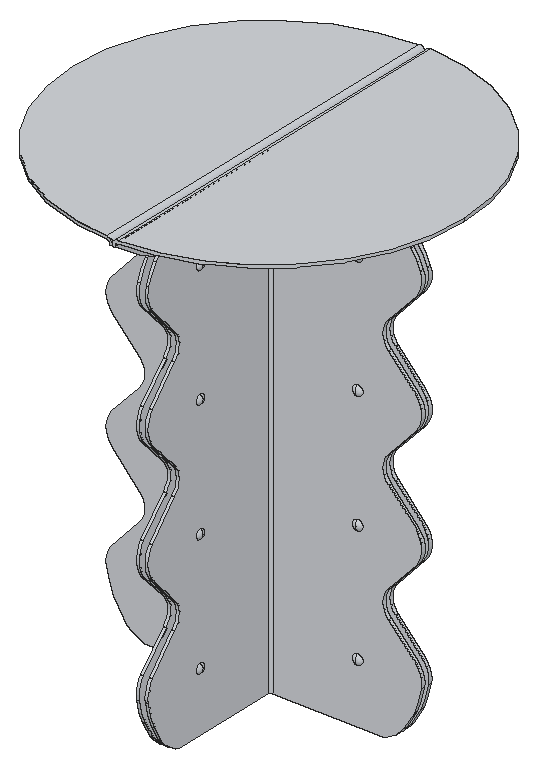
Revit family "YCSA.00.00.00.02", category Мебель, Revit 2014 (continued)
Automatic sketch dimensions
  Extrusion 32 sketch curve to Extrusion 32 sketch curve = 593.354 mm
  Extrusion 32 sketch curve to Extrusion 32 sketch curve = 528.366 mm
  Extrusion 32 sketch curve to Extrusion 32 sketch curve = 207.218 mm
  Extrusion 32 sketch curve to Extrusion 32 sketch curve = 34.149 mm
  Extrusion 32 sketch curve to Extrusion 32 sketch curve = 21.723 mm
  Extrusion 32 sketch curve to Extrusion 32 sketch curve = 12.637 mm
  Extrusion 32 sketch curve to Extrusion 32 sketch curve = 61.75 mm  (x6)
  Extrusion 32 sketch curve to Extrusion 32 sketch curve = 49.276 mm
  Extrusion 32 sketch curve to Extrusion 32 sketch curve = 12.474 mm  (x2)
  Extrusion 32 sketch curve to Extrusion 32 sketch curve = 144.085 mm
  Extrusion 32 sketch curve to Extrusion 32 sketch curve = 268.968 mm
  Extrusion 32 sketch curve to Extrusion 32 sketch curve = 24.652 mm
  Extrusion 32 sketch curve to Extrusion 32 sketch curve = 9.945 mm
  Extrusion 32 sketch curve to Extrusion 32 sketch curve = 19 mm  (x3)
  Extrusion 32 sketch curve to Extrusion 32 sketch curve = 9.8 mm
  Extrusion 33 sketch curve to Extrusion 33 sketch curve = 179.958 mm
  Extrusion 33 sketch curve to Extrusion 33 sketch curve = 57.781 mm
  Extrusion 33 sketch curve to Extrusion 33 sketch curve = 5.219 mm  (x4)
  Extrusion 33 sketch curve to Extrusion 33 sketch curve = 10.002 mm
  Extrusion 33 sketch curve to Extrusion 33 sketch curve = 15.002 mm
  Extrusion 33 sketch curve to Extrusion 33 sketch curve = 8.599 mm
  Extrusion 33 sketch curve to Extrusion 33 sketch curve = 36.058 mm
  Extrusion 33 sketch curve to Extrusion 33 sketch curve = 41 mm  (x2)
  Extrusion 33 sketch curve to Extrusion 33 sketch curve = 4.942 mm
  Extrusion 33 sketch curve to Extrusion 33 sketch curve = 14.064 mm
  Extrusion 33 sketch curve to Extrusion 33 sketch curve = 33.991 mm
  Extrusion 33 sketch curve to Extrusion 33 sketch curve = 593.354 mm
  Extrusion 33 sketch curve to Extrusion 33 sketch curve = 528.366 mm
  Extrusion 33 sketch curve to Extrusion 33 sketch curve = 63.132 mm
  Extrusion 33 sketch curve to Extrusion 33 sketch curve = 144.085 mm
  Extrusion 33 sketch curve to Extrusion 33 sketch curve = 61.75 mm  (x7)
  Extrusion 33 sketch curve to Extrusion 33 sketch curve = 12.474 mm
  Extrusion 33 sketch curve to Extrusion 33 sketch curve = 49.113 mm
  Extrusion 33 sketch curve to Extrusion 33 sketch curve = 12.637 mm
  Extrusion 33 sketch curve to Extrusion 33 sketch curve = 34.149 mm
  Extrusion 33 sketch curve to Extrusion 33 sketch curve = 281.605 mm
  Extrusion 33 sketch curve to Extrusion 33 sketch curve = 24.652 mm
  Extrusion 33 sketch curve to Extrusion 33 sketch curve = 9.945 mm
  Extrusion 33 sketch curve to Extrusion 33 sketch curve = 19 mm  (x3)
  Extrusion 33 sketch curve to Extrusion 33 sketch curve = 9.8 mm
  Extrusion 34 sketch curve to Extrusion 34 sketch curve = 153 mm  (x2)
  Extrusion 35 sketch curve to Extrusion 35 sketch curve = 179.958 mm
  Extrusion 35 sketch curve to Extrusion 35 sketch curve = 57.781 mm
  Extrusion 35 sketch curve to Extrusion 35 sketch curve = 5.219 mm  (x4)
  Extrusion 35 sketch curve to Extrusion 35 sketch curve = 10.002 mm
  Extrusion 35 sketch curve to Extrusion 35 sketch curve = 15.002 mm
  Extrusion 35 sketch curve to Extrusion 35 sketch curve = 8.599 mm
  Extrusion 35 sketch curve to Extrusion 35 sketch curve = 36.058 mm
  Extrusion 35 sketch curve to Extrusion 35 sketch curve = 41 mm  (x2)
  Extrusion 35 sketch curve to Extrusion 35 sketch curve = 4.942 mm
  Extrusion 35 sketch curve to Extrusion 35 sketch curve = 14.064 mm
  Extrusion 35 sketch curve to Extrusion 35 sketch curve = 33.991 mm
  Extrusion 35 sketch curve to Extrusion 35 sketch curve = 593.354 mm
  Extrusion 35 sketch curve to Extrusion 35 sketch curve = 528.366 mm
  Extrusion 35 sketch curve to Extrusion 35 sketch curve = 63.132 mm
  Extrusion 35 sketch curve to Extrusion 35 sketch curve = 144.085 mm
  Extrusion 35 sketch curve to Extrusion 35 sketch curve = 61.75 mm  (x7)
  Extrusion 35 sketch curve to Extrusion 35 sketch curve = 12.474 mm
  Extrusion 35 sketch curve to Extrusion 35 sketch curve = 49.113 mm
  Extrusion 35 sketch curve to Extrusion 35 sketch curve = 12.637 mm
  Extrusion 35 sketch curve to Extrusion 35 sketch curve = 34.149 mm
  Extrusion 35 sketch curve to Extrusion 35 sketch curve = 281.605 mm
  Extrusion 35 sketch curve to Extrusion 35 sketch curve = 24.652 mm
  Extrusion 35 sketch curve to Extrusion 35 sketch curve = 9.945 mm
  Extrusion 35 sketch curve to Extrusion 35 sketch curve = 19 mm  (x3)
  Extrusion 35 sketch curve to Extrusion 35 sketch curve = 9.8 mm
  Extrusion 36 sketch curve to Extrusion 36 sketch curve = 179.958 mm
  Extrusion 36 sketch curve to Extrusion 36 sketch curve = 57.781 mm
  Extrusion 36 sketch curve to Extrusion 36 sketch curve = 5.219 mm  (x4)
  Extrusion 36 sketch curve to Extrusion 36 sketch curve = 10.002 mm
  Extrusion 36 sketch curve to Extrusion 36 sketch curve = 15.002 mm
  Extrusion 36 sketch curve to Extrusion 36 sketch curve = 8.599 mm
  Extrusion 36 sketch curve to Extrusion 36 sketch curve = 36.058 mm
  Extrusion 36 sketch curve to Extrusion 36 sketch curve = 41 mm  (x2)
  Extrusion 36 sketch curve to Extrusion 36 sketch curve = 4.942 mm
  Extrusion 36 sketch curve to Extrusion 36 sketch curve = 14.064 mm
  Extrusion 36 sketch curve to Extrusion 36 sketch curve = 33.991 mm
  Extrusion 36 sketch curve to Extrusion 36 sketch curve = 593.354 mm
  Extrusion 36 sketch curve to Extrusion 36 sketch curve = 528.366 mm
  Extrusion 36 sketch curve to Extrusion 36 sketch curve = 207.218 mm
  Extrusion 36 sketch curve to Extrusion 36 sketch curve = 34.149 mm
  Extrusion 36 sketch curve to Extrusion 36 sketch curve = 21.723 mm
  Extrusion 36 sketch curve to Extrusion 36 sketch curve = 12.637 mm
  Extrusion 36 sketch curve to Extrusion 36 sketch curve = 61.75 mm  (x6)
  Extrusion 36 sketch curve to Extrusion 36 sketch curve = 49.276 mm
  Extrusion 36 sketch curve to Extrusion 36 sketch curve = 12.474 mm  (x2)
  Extrusion 36 sketch curve to Extrusion 36 sketch curve = 144.085 mm
  Extrusion 36 sketch curve to Extrusion 36 sketch curve = 268.968 mm
  Extrusion 36 sketch curve to Extrusion 36 sketch curve = 24.652 mm
  Extrusion 36 sketch curve to Extrusion 36 sketch curve = 9.945 mm
  Extrusion 36 sketch curve to Extrusion 36 sketch curve = 19 mm  (x3)
  Extrusion 36 sketch curve to Extrusion 36 sketch curve = 9.8 mm
  Extrusion 2 sketch curve to Extrusion 2 sketch curve = 1.39 mm  (x2)
  Extrusion 2 sketch curve to Extrusion 2 sketch curve = 70.001 mm
  Extrusion 2 sketch curve to Extrusion 2 sketch curve = 9.999 mm  (x2)
  Extrusion 2 sketch curve to Extrusion 2 sketch curve = 10 mm  (x2)
  Extrusion 2 sketch curve to Extrusion 2 sketch curve = 24 mm  (x2)
  Extrusion 2 sketch curve to Extrusion 2 sketch curve = 193.564 mm
  Extrusion 2 sketch curve to Extrusion 2 sketch curve = 30.092 mm
  Extrusion 2 sketch curve to Extrusion 2 sketch curve = 192 mm
  Extrusion 2 sketch curve to Extrusion 2 sketch curve = 68.611 mm
  Extrusion 2 sketch curve to Extrusion 2 sketch curve = 0 mm  (x2)
  Extrusion 2 sketch curve to Extrusion 2 sketch curve = 12.25 mm  (x2)
  Extrusion 2 sketch curve to Extrusion 2 sketch curve = 25.5 mm  (x2)
  Extrusion 2 sketch curve to Extrusion 2 sketch curve = 54.5 mm  (x2)
  Extrusion 2 sketch curve to Extrusion 2 sketch curve = 229.201 mm
  Extrusion 6 sketch curve to Extrusion 6 sketch curve = 1.39 mm  (x2)
  Extrusion 6 sketch curve to Extrusion 6 sketch curve = 70.001 mm
  Extrusion 6 sketch curve to Extrusion 6 sketch curve = 9.999 mm  (x2)
  Extrusion 6 sketch curve to Extrusion 6 sketch curve = 10 mm  (x2)
  Extrusion 6 sketch curve to Extrusion 6 sketch curve = 24 mm  (x2)
  Extrusion 6 sketch curve to Extrusion 6 sketch curve = 193.564 mm
  Extrusion 6 sketch curve to Extrusion 6 sketch curve = 30.092 mm
  Extrusion 6 sketch curve to Extrusion 6 sketch curve = 192 mm
  Extrusion 6 sketch curve to Extrusion 6 sketch curve = 68.611 mm
  Extrusion 6 sketch curve to Extrusion 6 sketch curve = 0 mm  (x2)
  Extrusion 6 sketch curve to Extrusion 6 sketch curve = 12.25 mm  (x2)
  Extrusion 6 sketch curve to Extrusion 6 sketch curve = 25.5 mm  (x2)
  Extrusion 6 sketch curve to Extrusion 6 sketch curve = 54.5 mm  (x2)
  Extrusion 6 sketch curve to Extrusion 6 sketch curve = 229.201 mm
  Extrusion 10 sketch curve to Extrusion 10 sketch curve = 1.39 mm  (x2)
  Extrusion 10 sketch curve to Extrusion 10 sketch curve = 70.001 mm
  Extrusion 10 sketch curve to Extrusion 10 sketch curve = 9.999 mm  (x2)
  Extrusion 10 sketch curve to Extrusion 10 sketch curve = 10 mm  (x2)
  Extrusion 10 sketch curve to Extrusion 10 sketch curve = 24 mm  (x2)
  Extrusion 10 sketch curve to Extrusion 10 sketch curve = 193.564 mm
  Extrusion 10 sketch curve to Extrusion 10 sketch curve = 30.092 mm
  Extrusion 10 sketch curve to Extrusion 10 sketch curve = 192 mm
  Extrusion 10 sketch curve to Extrusion 10 sketch curve = 68.611 mm
  Extrusion 10 sketch curve to Extrusion 10 sketch curve = 0 mm  (x2)
  Extrusion 10 sketch curve to Extrusion 10 sketch curve = 12.25 mm  (x2)
  Extrusion 10 sketch curve to Extrusion 10 sketch curve = 25.5 mm  (x2)
  Extrusion 10 sketch curve to Extrusion 10 sketch curve = 54.5 mm  (x2)
  Extrusion 10 sketch curve to Extrusion 10 sketch curve = 229.201 mm
  Extrusion 37 sketch curve to Extrusion 37 sketch curve = 0 mm  (x12)
  Extrusion 37 sketch curve to plane 15 = 0 mm  (x3)
  Extrusion 37 sketch curve to plane 14 = 0 mm  (x3)
  plane 22 to Extrusion 37 sketch curve = 0 mm  (x2)
  plane 21 to Extrusion 37 sketch curve = 0 mm  (x2)
  plane 20 to Extrusion 37 sketch curve = 0 mm  (x2)
  Extrusion 38 sketch curve to Extrusion 38 sketch curve = 0 mm  (x16)
  plane 10 to Extrusion 38 sketch curve = 0 mm  (x4)
  plane 9 to Extrusion 38 sketch curve = 0 mm  (x4)
  Extrusion 38 sketch curve to plane 22 = 0 mm  (x2)
  Extrusion 38 sketch curve to plane 21 = 0 mm  (x2)
  Extrusion 38 sketch curve to plane 20 = 0 mm  (x2)
  Extrusion 38 sketch curve to plane 19 = 0 mm  (x2)
  Revolve 40 sketch curve to Revolve 40 sketch curve = 3 mm
  Revolve 40 sketch curve to Revolve 40 sketch curve = 5.667 mm
  Revolve 40 sketch curve to Revolve 40 sketch curve = 0 mm  (x2)
  Revolve 40 sketch curve to Revolve 40 sketch curve = 3.333 mm
  Revolve 41 sketch curve to Revolve 41 sketch curve = 6 mm
  Revolve 41 sketch curve to Revolve 41 sketch curve = 2.5 mm  (x2)
  Revolve 41 sketch curve to Revolve 41 sketch curve = 3 mm
  Revolve 41 sketch curve to Revolve 41 sketch curve = 0 mm
  Revolve 43 sketch curve to Revolve 43 sketch curve = 3 mm
  Revolve 43 sketch curve to Revolve 43 sketch curve = 5.667 mm
  Revolve 43 sketch curve to Revolve 43 sketch curve = 0 mm  (x2)
  Revolve 43 sketch curve to Revolve 43 sketch curve = 3.333 mm
  Revolve 44 sketch curve to Revolve 44 sketch curve = 6 mm
  Revolve 44 sketch curve to Revolve 44 sketch curve = 2.5 mm  (x2)
  Revolve 44 sketch curve to Revolve 44 sketch curve = 3 mm
  Revolve 44 sketch curve to Revolve 44 sketch curve = 0 mm
  Revolve 52 sketch curve to Revolve 52 sketch curve = 3 mm
  Revolve 52 sketch curve to Revolve 52 sketch curve = 5.667 mm
  Revolve 52 sketch curve to Revolve 52 sketch curve = 0 mm  (x2)
  Revolve 52 sketch curve to Revolve 52 sketch curve = 3.333 mm
  Revolve 53 sketch curve to Revolve 53 sketch curve = 6 mm
  Revolve 53 sketch curve to Revolve 53 sketch curve = 2.5 mm  (x2)
  Revolve 53 sketch curve to Revolve 53 sketch curve = 3 mm
  Revolve 53 sketch curve to Revolve 53 sketch curve = 0 mm
  Revolve 55 sketch curve to Revolve 55 sketch curve = 3 mm
  Revolve 55 sketch curve to Revolve 55 sketch curve = 5.667 mm
  Revolve 55 sketch curve to Revolve 55 sketch curve = 0 mm  (x2)
  Revolve 55 sketch curve to Revolve 55 sketch curve = 3.333 mm
  Revolve 56 sketch curve to Revolve 56 sketch curve = 6 mm
  Revolve 56 sketch curve to Revolve 56 sketch curve = 2.5 mm  (x2)
  Revolve 56 sketch curve to Revolve 56 sketch curve = 3 mm
  Revolve 56 sketch curve to Revolve 56 sketch curve = 0 mm
  Revolve 46 sketch curve to Revolve 46 sketch curve = 3 mm
  Revolve 46 sketch curve to Revolve 46 sketch curve = 5.667 mm
  Revolve 46 sketch curve to Revolve 46 sketch curve = 0 mm  (x2)
  Revolve 46 sketch curve to Revolve 46 sketch curve = 3.333 mm
  Revolve 47 sketch curve to Revolve 47 sketch curve = 6 mm
  Revolve 47 sketch curve to Revolve 47 sketch curve = 2.5 mm  (x2)
  Revolve 47 sketch curve to Revolve 47 sketch curve = 3 mm
  Revolve 47 sketch curve to Revolve 47 sketch curve = 0 mm
  Revolve 49 sketch curve to Revolve 49 sketch curve = 3 mm
  Revolve 49 sketch curve to Revolve 49 sketch curve = 5.667 mm
  Revolve 49 sketch curve to Revolve 49 sketch curve = 0 mm  (x2)
  Revolve 49 sketch curve to Revolve 49 sketch curve = 3.333 mm
  Revolve 50 sketch curve to Revolve 50 sketch curve = 6 mm
  Revolve 50 sketch curve to Revolve 50 sketch curve = 2.5 mm  (x2)
  Revolve 50 sketch curve to Revolve 50 sketch curve = 3 mm
  Revolve 50 sketch curve to Revolve 50 sketch curve = 0 mm
  Revolve 64 sketch curve to Revolve 64 sketch curve = 3 mm
  Revolve 64 sketch curve to Revolve 64 sketch curve = 5.667 mm
  Revolve 64 sketch curve to Revolve 64 sketch curve = 0 mm  (x2)
  Revolve 64 sketch curve to Revolve 64 sketch curve = 3.333 mm
  Revolve 65 sketch curve to Revolve 65 sketch curve = 6 mm
  Revolve 65 sketch curve to Revolve 65 sketch curve = 2.5 mm  (x2)
  Revolve 65 sketch curve to Revolve 65 sketch curve = 3 mm
  Revolve 65 sketch curve to Revolve 65 sketch curve = 0 mm
  Revolve 67 sketch curve to Revolve 67 sketch curve = 3 mm
  Revolve 67 sketch curve to Revolve 67 sketch curve = 5.667 mm
  Revolve 67 sketch curve to Revolve 67 sketch curve = 0 mm  (x2)
  Revolve 67 sketch curve to Revolve 67 sketch curve = 3.333 mm
  Revolve 68 sketch curve to Revolve 68 sketch curve = 6 mm
  Revolve 68 sketch curve to Revolve 68 sketch curve = 2.5 mm  (x2)
  Revolve 68 sketch curve to Revolve 68 sketch curve = 3 mm
  Revolve 68 sketch curve to Revolve 68 sketch curve = 0 mm
  Revolve 70 sketch curve to Revolve 70 sketch curve = 3 mm
  Revolve 70 sketch curve to Revolve 70 sketch curve = 5.667 mm
  Revolve 70 sketch curve to Revolve 70 sketch curve = 0 mm  (x2)
  Revolve 70 sketch curve to Revolve 70 sketch curve = 3.333 mm
  Revolve 71 sketch curve to Revolve 71 sketch curve = 6 mm
  Revolve 71 sketch curve to Revolve 71 sketch curve = 2.5 mm  (x2)
  Revolve 71 sketch curve to Revolve 71 sketch curve = 3 mm
  Revolve 71 sketch curve to Revolve 71 sketch curve = 0 mm
  Revolve 73 sketch curve to Revolve 73 sketch curve = 3 mm
  Revolve 73 sketch curve to Revolve 73 sketch curve = 5.667 mm
  Revolve 73 sketch curve to Revolve 73 sketch curve = 0 mm  (x2)
  Revolve 73 sketch curve to Revolve 73 sketch curve = 3.333 mm
  Revolve 74 sketch curve to Revolve 74 sketch curve = 6 mm
  Revolve 74 sketch curve to Revolve 74 sketch curve = 2.5 mm  (x2)
  Revolve 74 sketch curve to Revolve 74 sketch curve = 3 mm
  Revolve 74 sketch curve to Revolve 74 sketch curve = 0 mm
  Revolve 76 sketch curve to Revolve 76 sketch curve = 3 mm
  Revolve 76 sketch curve to Revolve 76 sketch curve = 5.667 mm
  Revolve 76 sketch curve to Revolve 76 sketch curve = 0 mm  (x2)
  Revolve 76 sketch curve to Revolve 76 sketch curve = 3.333 mm
  Revolve 77 sketch curve to Revolve 77 sketch curve = 6 mm
  Revolve 77 sketch curve to Revolve 77 sketch curve = 2.5 mm  (x2)
  Revolve 77 sketch curve to Revolve 77 sketch curve = 3 mm
  Revolve 77 sketch curve to Revolve 77 sketch curve = 0 mm
  Revolve 79 sketch curve to Revolve 79 sketch curve = 3 mm
  Revolve 79 sketch curve to Revolve 79 sketch curve = 5.667 mm
  Revolve 79 sketch curve to Revolve 79 sketch curve = 0 mm  (x2)
  Revolve 79 sketch curve to Revolve 79 sketch curve = 3.333 mm
  Revolve 80 sketch curve to Revolve 80 sketch curve = 6 mm
  Revolve 80 sketch curve to Revolve 80 sketch curve = 2.5 mm  (x2)
  Revolve 80 sketch curve to Revolve 80 sketch curve = 3 mm
  Revolve 80 sketch curve to Revolve 80 sketch curve = 0 mm
  Revolve 82 sketch curve to Revolve 82 sketch curve = 3 mm
  Revolve 82 sketch curve to Revolve 82 sketch curve = 5.667 mm
  Revolve 82 sketch curve to Revolve 82 sketch curve = 0 mm  (x2)
  Revolve 82 sketch curve to Revolve 82 sketch curve = 3.333 mm
  Revolve 83 sketch curve to Revolve 83 sketch curve = 6 mm
  Revolve 83 sketch curve to Revolve 83 sketch curve = 2.5 mm  (x2)
  Revolve 83 sketch curve to Revolve 83 sketch curve = 3 mm
  Revolve 83 sketch curve to Revolve 83 sketch curve = 0 mm
  Revolve 85 sketch curve to Revolve 85 sketch curve = 3 mm
  Revolve 85 sketch curve to Revolve 85 sketch curve = 5.667 mm
  Revolve 85 sketch curve to Revolve 85 sketch curve = 0 mm  (x2)
  Revolve 85 sketch curve to Revolve 85 sketch curve = 3.333 mm
  Revolve 86 sketch curve to Revolve 86 sketch curve = 6 mm
  Revolve 86 sketch curve to Revolve 86 sketch curve = 2.5 mm  (x2)
  Revolve 86 sketch curve to Revolve 86 sketch curve = 3 mm
  Revolve 86 sketch curve to Revolve 86 sketch curve = 0 mm
  Revolve 88 sketch curve to Revolve 88 sketch curve = 3 mm
  Revolve 88 sketch curve to Revolve 88 sketch curve = 5.667 mm
  Revolve 88 sketch curve to Revolve 88 sketch curve = 0 mm  (x2)
  Revolve 88 sketch curve to Revolve 88 sketch curve = 3.333 mm
  Revolve 89 sketch curve to Revolve 89 sketch curve = 6 mm
  Revolve 89 sketch curve to Revolve 89 sketch curve = 2.5 mm  (x2)
  Revolve 89 sketch curve to Revolve 89 sketch curve = 3 mm
  Revolve 89 sketch curve to Revolve 89 sketch curve = 0 mm
  Revolve 91 sketch curve to Revolve 91 sketch curve = 3 mm
  Revolve 91 sketch curve to Revolve 91 sketch curve = 5.667 mm
  Revolve 91 sketch curve to Revolve 91 sketch curve = 0 mm  (x2)
  Revolve 91 sketch curve to Revolve 91 sketch curve = 3.333 mm
  Revolve 92 sketch curve to Revolve 92 sketch curve = 6 mm
  Revolve 92 sketch curve to Revolve 92 sketch curve = 2.5 mm  (x2)
  Revolve 92 sketch curve to Revolve 92 sketch curve = 3 mm
  Revolve 92 sketch curve to Revolve 92 sketch curve = 0 mm
  Revolve 94 sketch curve to Revolve 94 sketch curve = 3 mm
  Revolve 94 sketch curve to Revolve 94 sketch curve = 5.667 mm
  Revolve 94 sketch curve to Revolve 94 sketch curve = 0 mm  (x2)
  Revolve 94 sketch curve to Revolve 94 sketch curve = 3.333 mm
  Revolve 95 sketch curve to Revolve 95 sketch curve = 6 mm
  Revolve 95 sketch curve to Revolve 95 sketch curve = 2.5 mm  (x2)
  Revolve 95 sketch curve to Revolve 95 sketch curve = 3 mm
  Revolve 95 sketch curve to Revolve 95 sketch curve = 0 mm
  Revolve 97 sketch curve to Revolve 97 sketch curve = 3 mm
  Revolve 97 sketch curve to Revolve 97 sketch curve = 5.667 mm
  Revolve 97 sketch curve to Revolve 97 sketch curve = 0 mm  (x2)
  Revolve 97 sketch curve to Revolve 97 sketch curve = 3.333 mm
  Revolve 98 sketch curve to Revolve 98 sketch curve = 6 mm
  Revolve 98 sketch curve to Revolve 98 sketch curve = 2.5 mm  (x2)
  Revolve 98 sketch curve to Revolve 98 sketch curve = 3 mm
  Revolve 98 sketch curve to Revolve 98 sketch curve = 0 mm
  Revolve 136 sketch curve to Revolve 136 sketch curve = 3 mm
  Revolve 136 sketch curve to Revolve 136 sketch curve = 5.667 mm
  Revolve 136 sketch curve to Revolve 136 sketch curve = 0 mm  (x2)
  Revolve 136 sketch curve to Revolve 136 sketch curve = 3.333 mm
  Revolve 137 sketch curve to Revolve 137 sketch curve = 6 mm
  Revolve 137 sketch curve to Revolve 137 sketch curve = 2.5 mm  (x2)
  Revolve 137 sketch curve to Revolve 137 sketch curve = 3 mm
  Revolve 137 sketch curve to Revolve 137 sketch curve = 0 mm
  Revolve 139 sketch curve to Revolve 139 sketch curve = 3 mm
  Revolve 139 sketch curve to Revolve 139 sketch curve = 5.667 mm
  Revolve 139 sketch curve to Revolve 139 sketch curve = 0 mm  (x2)
  Revolve 139 sketch curve to Revolve 139 sketch curve = 3.333 mm
  Revolve 140 sketch curve to Revolve 140 sketch curve = 6 mm
  Revolve 140 sketch curve to Revolve 140 sketch curve = 2.5 mm  (x2)
  Revolve 140 sketch curve to Revolve 140 sketch curve = 3 mm
  Revolve 140 sketch curve to Revolve 140 sketch curve = 0 mm
  Revolve 142 sketch curve to Revolve 142 sketch curve = 3 mm
  Revolve 142 sketch curve to Revolve 142 sketch curve = 5.667 mm
  Revolve 142 sketch curve to Revolve 142 sketch curve = 0 mm  (x2)
  Revolve 142 sketch curve to Revolve 142 sketch curve = 3.333 mm
  Revolve 143 sketch curve to Revolve 143 sketch curve = 6 mm
  Revolve 143 sketch curve to Revolve 143 sketch curve = 2.5 mm  (x2)
  Revolve 143 sketch curve to Revolve 143 sketch curve = 3 mm
  Revolve 143 sketch curve to Revolve 143 sketch curve = 0 mm
  Revolve 145 sketch curve to Revolve 145 sketch curve = 3 mm
  Revolve 145 sketch curve to Revolve 145 sketch curve = 5.667 mm
  Revolve 145 sketch curve to Revolve 145 sketch curve = 0 mm  (x2)
  Revolve 145 sketch curve to Revolve 145 sketch curve = 3.333 mm
  Revolve 146 sketch curve to Revolve 146 sketch curve = 6 mm
  Revolve 146 sketch curve to Revolve 146 sketch curve = 2.5 mm  (x2)
  Revolve 146 sketch curve to Revolve 146 sketch curve = 3 mm
  Revolve 146 sketch curve to Revolve 146 sketch curve = 0 mm
  Revolve 148 sketch curve to Revolve 148 sketch curve = 3 mm
  Revolve 148 sketch curve to Revolve 148 sketch curve = 5.667 mm
  Revolve 148 sketch curve to Revolve 148 sketch curve = 0 mm  (x2)
  Revolve 148 sketch curve to Revolve 148 sketch curve = 3.333 mm
  Revolve 149 sketch curve to Revolve 149 sketch curve = 6 mm
  Revolve 149 sketch curve to Revolve 149 sketch curve = 2.5 mm  (x2)
  Revolve 149 sketch curve to Revolve 149 sketch curve = 3 mm
  Revolve 149 sketch curve to Revolve 149 sketch curve = 0 mm
  Revolve 151 sketch curve to Revolve 151 sketch curve = 3 mm
  Revolve 151 sketch curve to Revolve 151 sketch curve = 5.667 mm
  Revolve 151 sketch curve to Revolve 151 sketch curve = 0 mm  (x2)
  Revolve 151 sketch curve to Revolve 151 sketch curve = 3.333 mm
  Revolve 152 sketch curve to Revolve 152 sketch curve = 6 mm
  Revolve 152 sketch curve to Revolve 152 sketch curve = 2.5 mm  (x2)
  Revolve 152 sketch curve to Revolve 152 sketch curve = 3 mm
  Revolve 152 sketch curve to Revolve 152 sketch curve = 0 mm
  Revolve 154 sketch curve to Revolve 154 sketch curve = 3 mm
  Revolve 154 sketch curve to Revolve 154 sketch curve = 5.667 mm
  Revolve 154 sketch curve to Revolve 154 sketch curve = 0 mm  (x2)
  Revolve 154 sketch curve to Revolve 154 sketch curve = 3.333 mm
  Revolve 155 sketch curve to Revolve 155 sketch curve = 6 mm
  Revolve 155 sketch curve to Revolve 155 sketch curve = 2.5 mm  (x2)
  Revolve 155 sketch curve to Revolve 155 sketch curve = 3 mm
  Revolve 155 sketch curve to Revolve 155 sketch curve = 0 mm
  Revolve 157 sketch curve to Revolve 157 sketch curve = 3 mm
  Revolve 157 sketch curve to Revolve 157 sketch curve = 5.667 mm
  Revolve 157 sketch curve to Revolve 157 sketch curve = 0 mm  (x2)
  Revolve 157 sketch curve to Revolve 157 sketch curve = 3.333 mm
  Revolve 158 sketch curve to Revolve 158 sketch curve = 6 mm
  Revolve 158 sketch curve to Revolve 158 sketch curve = 2.5 mm  (x2)
  Revolve 158 sketch curve to Revolve 158 sketch curve = 3 mm
  Revolve 158 sketch curve to Revolve 158 sketch curve = 0 mm
  Revolve 160 sketch curve to Revolve 160 sketch curve = 3 mm
  Revolve 160 sketch curve to Revolve 160 sketch curve = 5.667 mm
  Revolve 160 sketch curve to Revolve 160 sketch curve = 0 mm  (x2)
  Revolve 160 sketch curve to Revolve 160 sketch curve = 3.333 mm
  Revolve 161 sketch curve to Revolve 161 sketch curve = 6 mm
  Revolve 161 sketch curve to Revolve 161 sketch curve = 2.5 mm  (x2)
  Revolve 161 sketch curve to Revolve 161 sketch curve = 3 mm
  Revolve 161 sketch curve to Revolve 161 sketch curve = 0 mm
  Revolve 163 sketch curve to Revolve 163 sketch curve = 3 mm
  Revolve 163 sketch curve to Revolve 163 sketch curve = 5.667 mm
  Revolve 163 sketch curve to Revolve 163 sketch curve = 0 mm  (x2)
  Revolve 163 sketch curve to Revolve 163 sketch curve = 3.333 mm
  Revolve 164 sketch curve to Revolve 164 sketch curve = 6 mm
  Revolve 164 sketch curve to Revolve 164 sketch curve = 2.5 mm  (x2)
  Revolve 164 sketch curve to Revolve 164 sketch curve = 3 mm
  Revolve 164 sketch curve to Revolve 164 sketch curve = 0 mm
  Revolve 166 sketch curve to Revolve 166 sketch curve = 3 mm
  Revolve 166 sketch curve to Revolve 166 sketch curve = 5.667 mm
  Revolve 166 sketch curve to Revolve 166 sketch curve = 0 mm  (x2)
  Revolve 166 sketch curve to Revolve 166 sketch curve = 3.333 mm
  Revolve 167 sketch curve to Revolve 167 sketch curve = 6 mm
  Revolve 167 sketch curve to Revolve 167 sketch curve = 2.5 mm  (x2)
  Revolve 167 sketch curve to Revolve 167 sketch curve = 3 mm
  Revolve 167 sketch curve to Revolve 167 sketch curve = 0 mm
  Revolve 169 sketch curve to Revolve 169 sketch curve = 3 mm
  Revolve 169 sketch curve to Revolve 169 sketch curve = 5.667 mm
  Revolve 169 sketch curve to Revolve 169 sketch curve = 0 mm  (x2)
  Revolve 169 sketch curve to Revolve 169 sketch curve = 3.333 mm
  Revolve 170 sketch curve to Revolve 170 sketch curve = 6 mm
  Revolve 170 sketch curve to Revolve 170 sketch curve = 2.5 mm  (x2)
  Revolve 170 sketch curve to Revolve 170 sketch curve = 3 mm
  Revolve 170 sketch curve to Revolve 170 sketch curve = 0 mm
  Revolve 172 sketch curve to Revolve 172 sketch curve = 3 mm
  Revolve 172 sketch curve to Revolve 172 sketch curve = 5.667 mm
  Revolve 172 sketch curve to Revolve 172 sketch curve = 0 mm  (x2)
  Revolve 172 sketch curve to Revolve 172 sketch curve = 3.333 mm
  Revolve 173 sketch curve to Revolve 173 sketch curve = 6 mm
  Revolve 173 sketch curve to Revolve 173 sketch curve = 2.5 mm  (x2)
  Revolve 173 sketch curve to Revolve 173 sketch curve = 3 mm
  Revolve 173 sketch curve to Revolve 173 sketch curve = 0 mm
  Revolve 175 sketch curve to Revolve 175 sketch curve = 3 mm
  Revolve 175 sketch curve to Revolve 175 sketch curve = 5.667 mm
  Revolve 175 sketch curve to Revolve 175 sketch curve = 0 mm  (x2)
  Revolve 175 sketch curve to Revolve 175 sketch curve = 3.333 mm
  Revolve 176 sketch curve to Revolve 176 sketch curve = 6 mm
  Revolve 176 sketch curve to Revolve 176 sketch curve = 2.5 mm  (x2)
  Revolve 176 sketch curve to Revolve 176 sketch curve = 3 mm
  Revolve 176 sketch curve to Revolve 176 sketch curve = 0 mm
  Revolve 178 sketch curve to Revolve 178 sketch curve = 3 mm
  Revolve 178 sketch curve to Revolve 178 sketch curve = 5.667 mm
  Revolve 178 sketch curve to Revolve 178 sketch curve = 0 mm  (x2)
  Revolve 178 sketch curve to Revolve 178 sketch curve = 3.333 mm
  Revolve 179 sketch curve to Revolve 179 sketch curve = 6 mm
  Revolve 179 sketch curve to Revolve 179 sketch curve = 2.5 mm  (x2)
  Revolve 179 sketch curve to Revolve 179 sketch curve = 3 mm
  Revolve 179 sketch curve to Revolve 179 sketch curve = 0 mm
  Revolve 181 sketch curve to Revolve 181 sketch curve = 3 mm
  Revolve 181 sketch curve to Revolve 181 sketch curve = 5.667 mm
  Revolve 181 sketch curve to Revolve 181 sketch curve = 0 mm  (x2)
  Revolve 181 sketch curve to Revolve 181 sketch curve = 3.333 mm
  Revolve 182 sketch curve to Revolve 182 sketch curve = 6 mm
  Revolve 182 sketch curve to Revolve 182 sketch curve = 2.5 mm  (x2)
  Revolve 182 sketch curve to Revolve 182 sketch curve = 3 mm
  Revolve 182 sketch curve to Revolve 182 sketch curve = 0 mm
  radius of Extrusion 14 sketch curve = 2.5 mm  (x4)
  radius of Extrusion 15 sketch curve = 2.5 mm  (x4)
  radius of Extrusion 17 sketch curve = 2.5 mm  (x4)
  radius of Extrusion 18 sketch curve = 2.5 mm  (x4)
  radius of Extrusion 20 sketch curve = 2.5 mm  (x4)
  radius of Extrusion 21 sketch curve = 2.5 mm  (x4)
  radius of Extrusion 23 sketch curve = 2.5 mm  (x4)
  radius of Extrusion 24 sketch curve = 2.5 mm  (x4)
  radius of Extrusion 26 sketch curve = 2.5 mm  (x4)
  radius of Extrusion 27 sketch curve = 2.5 mm  (x4)
  radius of Extrusion 29 sketch curve = 2.5 mm  (x4)
  radius of Extrusion 30 sketch curve = 2.5 mm  (x4)
  radius of Extrusion 32 sketch curve = 2.5 mm  (x4)
  radius of Extrusion 33 sketch curve = 2.5 mm  (x4)
  radius of Extrusion 35 sketch curve = 2.5 mm  (x4)
  radius of Extrusion 36 sketch curve = 2.5 mm  (x4)
  radius of Extrusion 2 sketch curve = 2.5 mm  (x2)
  radius of Extrusion 6 sketch curve = 2.5 mm  (x2)
  radius of Extrusion 10 sketch curve = 2.5 mm  (x2)
  radius of Extrusion 37 sketch curve = 10 mm  (x6)
  radius of Extrusion 37 sketch curve = 2.5 mm  (x6)
  radius of Extrusion 38 sketch curve = 10 mm  (x8)
  radius of Extrusion 38 sketch curve = 2.5 mm  (x8)
  radius of Extrusion 39 sketch curve = 5 mm
  radius of Extrusion 42 sketch curve = 5 mm
  radius of Extrusion 51 sketch curve = 5 mm
  radius of Extrusion 54 sketch curve = 5 mm
  radius of Extrusion 45 sketch curve = 5 mm
  radius of Extrusion 48 sketch curve = 5 mm
  radius of Extrusion 63 sketch curve = 5 mm
  radius of Extrusion 66 sketch curve = 5 mm
  radius of Extrusion 69 sketch curve = 5 mm
  radius of Extrusion 72 sketch curve = 5 mm
  radius of Extrusion 75 sketch curve = 5 mm
  radius of Extrusion 78 sketch curve = 5 mm
  radius of Extrusion 81 sketch curve = 5 mm
  radius of Extrusion 84 sketch curve = 5 mm
  radius of Extrusion 87 sketch curve = 5 mm
  radius of Extrusion 90 sketch curve = 5 mm
  radius of Extrusion 93 sketch curve = 5 mm
  radius of Extrusion 96 sketch curve = 5 mm
  radius of Extrusion 135 sketch curve = 5 mm
  radius of Extrusion 138 sketch curve = 5 mm
  radius of Extrusion 141 sketch curve = 5 mm
  radius of Extrusion 144 sketch curve = 5 mm
  radius of Extrusion 147 sketch curve = 5 mm
  radius of Extrusion 150 sketch curve = 5 mm
  radius of Extrusion 153 sketch curve = 5 mm
  radius of Extrusion 156 sketch curve = 5 mm
  radius of Extrusion 159 sketch curve = 5 mm
  radius of Extrusion 162 sketch curve = 5 mm
  radius of Extrusion 165 sketch curve = 5 mm
  radius of Extrusion 168 sketch curve = 5 mm
  radius of Extrusion 171 sketch curve = 5 mm
  radius of Extrusion 174 sketch curve = 5 mm
  radius of Extrusion 177 sketch curve = 5 mm
  radius of Extrusion 180 sketch curve = 5 mm
